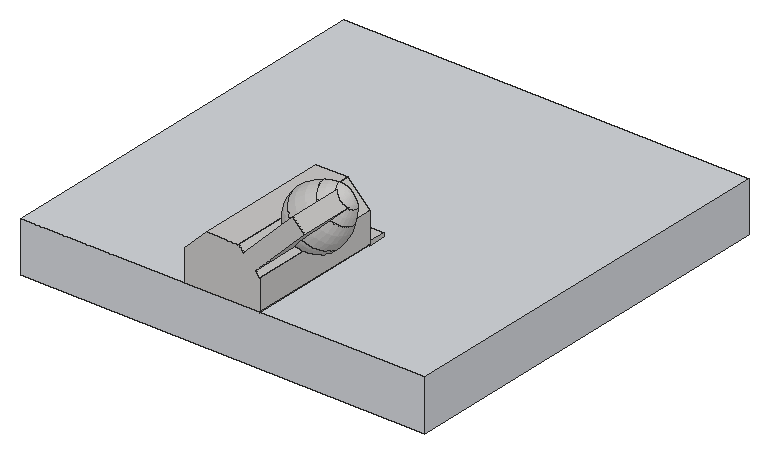
Revit family
Parameters (values of type "1418-AR-2-SPS-VAC")
  Waste Connection = yes
  WO3B - 3" Waste Outlet from 2-3/8" Waste (1.6 or 3.5 GPF) = no
  WO3 - 3" Toilet P-Trap (3.5 GPF Only) = no
  WFU = 0
  Vent Connection = no
  VG2 - Vent Grille, 8-3/4" x 13" (Bottom Only) = no
  VG1 - Vent Grille, 5-3/4" x 8-3/4" (L,R,LF,RF) = no
  VAC - AcornVac System = yes
  URL = "http://www.acornengineering.com"
  ULF-1.6 GPF = no
  TWE - 3" (76mm) Standard Toilet Waste Extension (Specify Length Beyond Fixture) = no
  TSC - Toilet Shipping Cover = no
  TH - Towel Hook (Single, Double, Left, Right) = no
  TG - 12 Gage (2.77mm) Cabinet = no
  TF - 120VAC to 24VAC Transformer = no
  T - Toothbrush Holder (Left, Right) = no
  SW - Wall Sleeve = no
  SPS - Suicide Prevention Skirt (On-Floor Model Only) = yes
  PT - P-Trap Waste = no
  PHB - Hemispherical Pushbutton = no
  PH - Paper Holder (L, R, C, LF, RF) = no
  PC - Pinned Cleanout Plug = no
  OF - Lavatory Overflow = no
  Model = "1418-AR-2-SPS-VAC"
  Manufacturer = "Acorn Engineering"
  MVCFV - Time-Trol Electronic Flush Valve = no
  MVC2-BAT - Time-Trol - Hot & Cold, Battery Operated = no
  MVC2 - Time-Trol - Hot & Cold = no
  MVC1-BAT - Time-Trol - Single Temp, Battery Operated = no
  MVC1 - Time-Trol - Single Temp = no
  MT - Metal Template (Only 1 Required Per Project) = no
  MH - Metering, Hot Side only = no
  MA - Manifolded Valve (2,3,4) = no
  M - Metering = no
  LWE - Lavy Waste 3" (76mm) Standard Extension (Specify Length Beyond Fixture) = no
  LW1 - Lavy Through-Wall Extension With P-Trap = no
  LPFV - Less Punching For Flush Valve = no
  LF - Lav-Filler = no
  IS - Integral Shelf = no
  HWFU = 0
  HW Connection = yes
  HS - Hinged Seat = no
  HPS - High Polish Seat #7 Finish = no
  HET-1.28 GPF = no
  HET - High Efficiency Toilet Design = no
  FW - Gasketed Toilet Waste = no
  FVT - Flush Valve Through Wall Connector = no
  FVO - Flush Valve Opposite Toilet = no
  FVH - Flush Valve, Hydraulic = no
  FVBO - Flush Valve by Others = no
  FV - Flush Valve, Mechanical = no
  FTE - Flood-Trol, Electronic = no
  FTA - Flood-Trol, Auto-Reset = no
  FT - Flood-Trol = no
  FMT - Fixture Mounted Trim = no
  EVSPFV - Electronic Flush Valve w/ Piezo Pushbutton = no
  EVSP2 - Electronic Valve System w/ Piezo Pushbuttons = no
  EVSP1 - Electronic Valve System w/ Piezo Pushbutton = no
  EVSFV - Electronic Flush Valve = no
  EVS2 - Electronic Valve System - Hot & Cold = no
  EVS1 - Electronic Valve System - Single Temp = no
  EG - Enviro-Glaze Toilet Interior (Specify Color) = no
  EG - Enviro-Glaze Exterior Only (Specify Color) = no
  Designed By = "ATS BIM Team"
  Description = "18\" Lav-Toilet Comby"
  Default Elevation = 15"
  Copyrighted By = "ATS"
  CWFU = 0
  CW Connection = yes
  CW - Combined Waste = no
  CT - Centered Toilet = no
  COH - Cleanout Hook Assembly = no
  CO1-3 - Cleanout w/ O-Ring Connection to No-Hub 3" = no
  CO1 - Cleanout With O-Ring Connecting To No-Hub 3" (76mm) = no
  CI - Cycle Interrupt for Time-Trol Valves = no
  BPH - Bubbler, Penal Hemispherical = no
  BP - Bubbler, Penal = no
  BC - Bubbler, Code = no
  Assembly Code = ""
  AR - Angled Right = yes
  AL - Angled Left = no
  3.5 GPF = no
  04 - Air-Control, H&C, Non-Metering = no
  03 - Air-Control, Single Temp, Non-Metering = no
Reference planes (in)
  plane 1 "Center (Front/Back)": y = -33.00007
  plane 2: z = 0
  plane 3 "Center (Left/Right)": x = 0
  plane 4: y = -45.12507
  plane 5: y = -48
  plane 6: z = 3.5821
  plane 7: x = 2
  plane 8: x = -2
  plane 9: z = 29.125
Forms (in)
  Extrusion 1, solid
    sketch origin (0, 0, 0) x (1, 0, 0) y (0, 1, 0)
      loop
        line (-48, 48) -> (-48, -48) -> (48, -48) -> (48, 48) -> (-48, 48)
    from 0 to -12
  Extrusion 2, solid, material "304 Stainless Steel"
    sketch origin (-9, -44.29468, 1.94576) x (1, 0, 0) y (0, 0, -1)
      loop
        line (5.2588, -10.67924) -> (12.6787, -10.67924)
        arc (12.6787, -10.67924) -> (12.74457, -10.66614) -> (12.80041, -10.62882) r 0.17213
        line (12.80041, -10.62882) -> (17.94959, -5.47965)
        arc (17.94959, -5.47965) -> (17.9869, -5.42381) -> (18, -5.35794) r 0.17213
        line (18, -5.35794) -> (18, 1.77161)
        arc (18, 1.77161) -> (17.94899, 1.89476) -> (17.82585, 1.94576) r 0.17415
        line (17.82585, 1.94576) -> (0, 1.94576) -> (0, -5.42044) -> (5.2588, -10.67924)
    from -3.70532 to 28.79461
  Revolve 3, void
    sketch origin (-8.92952, -15.50007, 1.95696) x (1, 0, 0) y (0, 0, -1)
      loop
        arc (13.22548, -8.6985) -> (15.52907, -7.16377) -> (16.42, -4.54304) r 4.3
        line (16.42, -4.54304) -> (1.58, -4.54304)
        arc (1.58, -4.54304) -> (2.47093, -7.16377) -> (4.77452, -8.6985) r 4.3
        arc (4.77452, -8.6985) -> (9, -9.25095) -> (13.22548, -8.6985) r 16.43588
      axis (1.58, -4.54304) -> (16.42, -4.54304)
    angle from 0 to 180
  Extrusion 4, void
    sketch origin (-9.0075, -45.29468, 1.94576) x (1, 0, 0) y (0, 0, -1)
      loop
        circle (9, -3.27304) r 1
    from 24.61475 to 25.77038
  Extrusion 5, solid, material "304 Stainless Steel"
    sketch origin (-9, -45.29468, 1.94576) x (0, 0, -1) y (0, 1, 0)
      loop
        line (0.94576, 33.79461) -> (0.94576, 29.79461) -> (1.94576, 29.79461) -> (1.94576, 33.79461) -> (0.94576, 33.79461)
    from 0 to 17.985
  Extrusion 6, solid, material "304 Stainless Steel"
    sketch origin (-8.84565, -48.00007, 0) x (1, 0, 0) y (0, 1, 0)
      loop
        circle (8.83815, 24.25) r 0.75
    from -2.99993 to 0
  Extrusion 7, solid, material "304 Stainless Steel"
    sketch origin (-8.6408, -48.00007, 0) x (1, 0, 0) y (0, 1, 0)
      loop
        circle (8.6333, 11.25) r 0.95
    from 0 to -2.99993
  Revolve 8, solid, material "304 Stainless Steel", not visible
    sketch origin (5.24178, -33.00007, -3.97222) x (-0.707107, 0, 0.707107) y (0.707107, 0, 0.707107)
      loop
        arc (24.68866, 7.60098) -> (26.94465, 10.4997) -> (28.41979, 13.86363) r 14.84375
        arc (28.41979, 13.86363) -> (28.83407, 15.68417) -> (29.00709, 17.54321) r 14.26901
        arc (29.00709, 17.54321) -> (28.73478, 19.15839) -> (27.87064, 20.54987) r 4.24051
        line (27.87064, 20.54987) -> (26.78788, 19.46712)
        arc (26.78788, 19.46712) -> (27.27408, 18.62314) -> (27.27131, 17.64913) r 1.875
        arc (27.27131, 17.64913) -> (25.94467, 13.94929) -> (24.05453, 10.50311) r 25
        arc (24.05453, 10.50311) -> (20.75186, 8.4942) -> (17.10936, 9.78859) r 4.5
        line (17.10936, 9.78859) -> (15.37005, 8.04929)
        arc (15.37005, 8.04929) -> (16.29128, 7.10506) -> (17.31003, 6.26698) r 12.07192
        arc (17.31003, 6.26698) -> (18.02774, 5.86456) -> (18.82172, 5.64857) r 3.36116
        arc (18.82172, 5.64857) -> (21.98589, 5.93151) -> (24.68866, 7.60098) r 6.90625
      axis (15.37005, 8.04929) -> (27.87064, 20.54987)
    angle from 0 to 180
  Extrusion 9, solid, material "304 Stainless Steel", not visible
    sketch origin (5.20815, -45.34168, -3.94334) x (-0.707107, 0, 0.707107) y (0.707107, 0, 0.707107)
      loop
        arc (19.55189, 7.10461) -> (16.61472, 9.31346) -> (14.54352, 12.34928) r 11.27945
        line (14.54352, 12.34928) -> (12.81701, 10.62277) -> (17.94353, 5.49625) -> (19.55189, 7.10461)
    from 8.3865 to 12.27961
  Extrusion 10, solid, material "304 Stainless Steel", not visible
    sketch origin (0, 0, 0) x (0, 1, 0) y (0, 0, 1)
      loop
        line (-48, 29.125) -> (-48, 12.625) -> (-35.16369, 12.625)
        arc (-35.16369, 12.625) -> (-38.4972, 21.05462) -> (-34.36929, 29.125) r 11
        line (-34.36929, 29.125) -> (-48, 29.125)
    from -2 to 2
  Revolve 11, solid, material "304 Stainless Steel"
    sketch origin (-1.63396, -33.00007, -5.46307) x (0, 0, 1) y (1, 0, 0)
      loop
        arc (24.68866, 7.60098) -> (26.94465, 10.4997) -> (28.41979, 13.86363) r 14.84375
        arc (28.41979, 13.86363) -> (28.83407, 15.68417) -> (29.00709, 17.54321) r 14.26901
        arc (29.00709, 17.54321) -> (28.73478, 19.15839) -> (27.87064, 20.54987) r 4.24051
        line (27.87064, 20.54987) -> (26.78788, 19.46712)
        arc (26.78788, 19.46712) -> (27.27408, 18.62314) -> (27.27131, 17.64913) r 1.875
        arc (27.27131, 17.64913) -> (25.94467, 13.94929) -> (24.05453, 10.50311) r 25
        arc (24.05453, 10.50311) -> (20.75186, 8.4942) -> (17.10936, 9.78859) r 4.5
        line (17.10936, 9.78859) -> (15.37005, 8.04929)
        arc (15.37005, 8.04929) -> (16.29128, 7.10506) -> (17.31003, 6.26698) r 12.07192
        arc (17.31003, 6.26698) -> (18.02774, 5.86456) -> (18.82172, 5.64857) r 3.36116
        arc (18.82172, 5.64857) -> (21.98589, 5.93151) -> (24.68866, 7.60098) r 6.90625
      axis (15.37005, 8.04929) -> (27.87064, 20.54987)
    angle from 0 to 180
  Extrusion 12, solid, material "304 Stainless Steel"
    sketch origin (-2.53167, 0, 1.05221) x (0, 1, 0) y (0.707107, 0, 0.707107)
      loop
        line (-48, 29.125) -> (-48, 12.625) -> (-35.16369, 12.625)
        arc (-35.16369, 12.625) -> (-38.4972, 21.05462) -> (-34.36929, 29.125) r 11
        line (-34.36929, 29.125) -> (-48, 29.125)
    from -2 to 2
Cuts and joins
  Revolve 3, Extrusion 4 cuts Extrusion 2
  joined: Extrusion 2, Extrusion 5, Revolve 11, Extrusion 12
Dimensions and locks (in)
  plane 4 to plane 5 = 2.87493"
  plane 3 "Center (Left/Right)" to plane 8 = 2"
  plane 7 to plane 3 "Center (Left/Right)" = 2"
  aligned and locked: plane 2 to Extrusion 1
  aligned and locked: level to Extrusion 1
  aligned and locked: Extrusion 2 to plane 5
Connectors (in)
  piping at (-0.0075, -23.75007, -2.99993)
    settings: on Extrusion 6, index 1
  piping at (-0.0075, -36.75007, -2.99993)
    settings: on Extrusion 7, index 3
